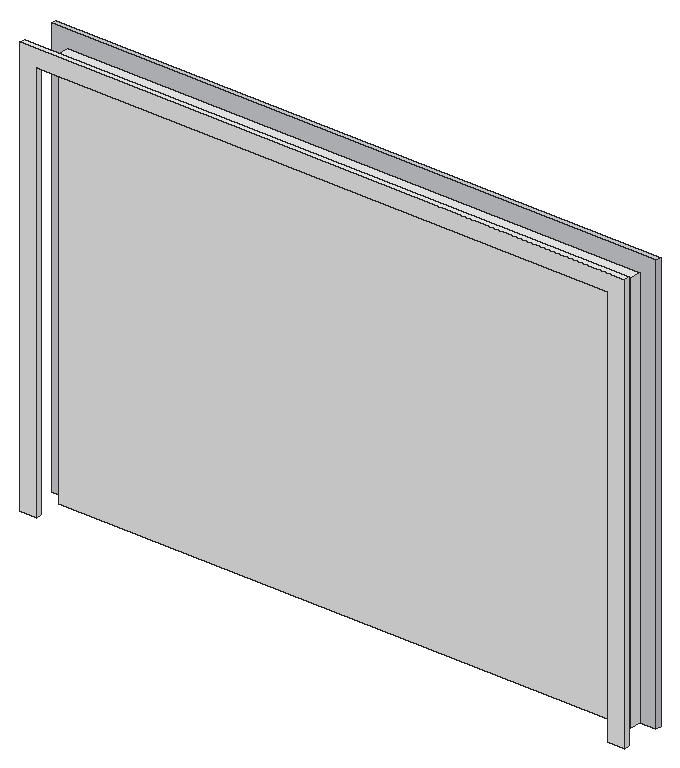
Revit family "0045_M_DR_W_shutter_door_family_OnlyDoor", category 문, Revit 2026
Family settings
  호스트 = 벽
  항상 수직 = 예
  로드될 때 보이드를 사용하여 절단 = 아니오
  공유 = 아니오
  룸 계산 점 = 아니오
Parameters (values of type "2550 x 1800 mm")
  프레임 투영 외부 = 25 mm
  프레임 투영 내부 = 25 mm
  프레임 폭 = 75 mm
  Function = (empty or 0)
  Assembly Code = ""
  높이 = 1800 mm
  벽 마무리 = 호스트별
  폭 = 2550 mm
Reference planes
  plane 1: y = -50
  plane 2 "중심(왼쪽/오른쪽)": x = 0
  plane 3 "좌측면": x = -1275
  plane 4 "오른쪽": x = 1275
  plane 5: z = 1800
  plane 6 "외부": y = 25
  plane 7 "내부": y = -125
Forms (mm)
  Extrusion 1, solid, material "구릴"
    sketch origin (-3050, -125, 0) x (1, 0, 0) y (0, 0, 1)
      loop
        line (1700, 0) -> (1775, 0) -> (1775, 1800) -> (4325, 1800) -> (4325, 0) -> (4400, 0) -> (4400, 1875) -> (1700, 1875) -> (1700, 0)
    from 0 to 25
  Extrusion 2, solid
    sketch origin (-3050, 25, 0) x (-1, 0, 0) y (0, 0, 1)
      loop
        line (-1775, 0) -> (-1700, 0) -> (-1700, 1875) -> (-4400, 1875) -> (-4400, 0) -> (-4325, 0) -> (-4325, 1800) -> (-1775, 1800) -> (-1775, 0)
    from 0 to 25
  Extrusion 3, solid, material "구릴"
    sketch origin (0, 25, 0) x (1, 0, 0) y (0, 0, 1)
      loop
        line (1275, 0) -> (1275, 1800) -> (-1275, 1800) -> (-1275, 0) -> (1275, 0)
    from 0 to 50
Lines and regions (mm)
  Opening 1
    outline origin (-3050, -125, 0) x (1, 0, 0) y (0, 0, 1)
      loop
        line (1775, 0) -> (4325, 0) -> (4325, 1800) -> (1775, 1800) -> (1775, 0)
  symbolic lines, style "입면도 스윙"
    curve 1: line (1275, -125, 0) -> (0, -125, 1800)
    curve 2: line (0, 25, 1800) -> (-1275, 25, 0)
  symbolic lines
    curve 3: line (-1275, 25, 0) -> (-675, 25, 0)
    curve 4: line (1275, 25, 0) -> (-1275, 25, 0)
Text (mm)
  text "외부" at (-2295.016, 1099.543, 0), in view "참조 레벨"
  text "외부" at (0, 1615.38, 3698.081), in view "좌측면"
  text "외부" at (0, 1036.032, 3874.932), in view "오른쪽"
Dimensions and locks
  equal spacing: plane 3 "좌측면", plane 2 "중심(왼쪽/오른쪽)", plane 4 "오른쪽"
  "폭": plane 3 "좌측면" to plane 4 "오른쪽"
  "높이": plane 5 to host wall
  equal spacing: host wall, curve 1, plane 5
  equal spacing: host wall, curve 2, plane 5
  "프레임 투영 외부": Extrusion 2 to Extrusion 2
  "프레임 투영 내부": Extrusion 1 to Extrusion 1
  "프레임 폭": plane 3 "좌측면" to Extrusion 1 sketch curve
  "프레임 폭": plane 4 "오른쪽" to Extrusion 1 sketch curve
  "프레임 폭": Extrusion 1 sketch curve to plane 5
  "프레임 폭": plane 4 "오른쪽" to Extrusion 2 sketch curve
  "프레임 폭": plane 3 "좌측면" to Extrusion 2 sketch curve
  "프레임 폭": plane 5 to Extrusion 2 sketch curve
  locked: plane 6 "외부" to host wall at 0
  locked: plane 7 "내부" to host wall
  Extrusion 2 to Extrusion 3 = 50 mm
  aligned and locked: plane 3 "좌측면" to Opening 1 sketch curve
  aligned and locked: plane 5 to Opening 1 sketch curve  (x2)
  aligned and locked: Opening 1 sketch curve to plane 4 "오른쪽"
  aligned and locked: Opening 1 sketch curve to level
  aligned and locked: level to Extrusion 1 sketch curve
  aligned and locked: plane 5 to Extrusion 1 sketch curve  (x2)
  aligned and locked: Extrusion 1 sketch curve to plane 4 "오른쪽"
  aligned and locked: plane 3 "좌측면" to Extrusion 1 sketch curve
  aligned and locked: plane 3 "좌측면" to Extrusion 2 sketch curve
  aligned and locked: plane 5 to Extrusion 2 sketch curve  (x2)
  aligned and locked: level to Extrusion 2 sketch curve
  aligned and locked: plane 1 to host wall
  aligned and locked: host wall to Extrusion 3
Automatic sketch dimensions
  Extrusion 2 sketch curve to plane 4 "오른쪽" = 0 mm
  Extrusion 1 sketch curve to level = 0 mm
  Extrusion 2 sketch curve to level = 0 mm
  Extrusion 3 sketch curve to level = 0 mm
  Extrusion 3 sketch curve to plane 3 "좌측면" = 0 mm
  Extrusion 3 sketch curve to plane 4 "오른쪽" = 0 mm
  Extrusion 3 sketch curve to plane 5 = 0 mm
  curve 4 to plane 3 "좌측면" = 0 mm
  curve 3 to plane 3 "좌측면" = 600 mm
  curve 1 to plane 2 "중심(왼쪽/오른쪽)" = 0 mm
  curve 1 to plane 5 = 0 mm
  curve 2 to plane 2 "중심(왼쪽/오른쪽)" = 0 mm
  curve 2 to plane 5 = 0 mm
  curve 2 to level = 0 mm
  curve 1 to level = 0 mm
  curve 2 to plane 3 "좌측면" = 0 mm
  curve 1 to plane 4 "오른쪽" = 0 mm
  curve 4 to host wall = 0 mm
  curve 4 to plane 4 "오른쪽" = 0 mm
